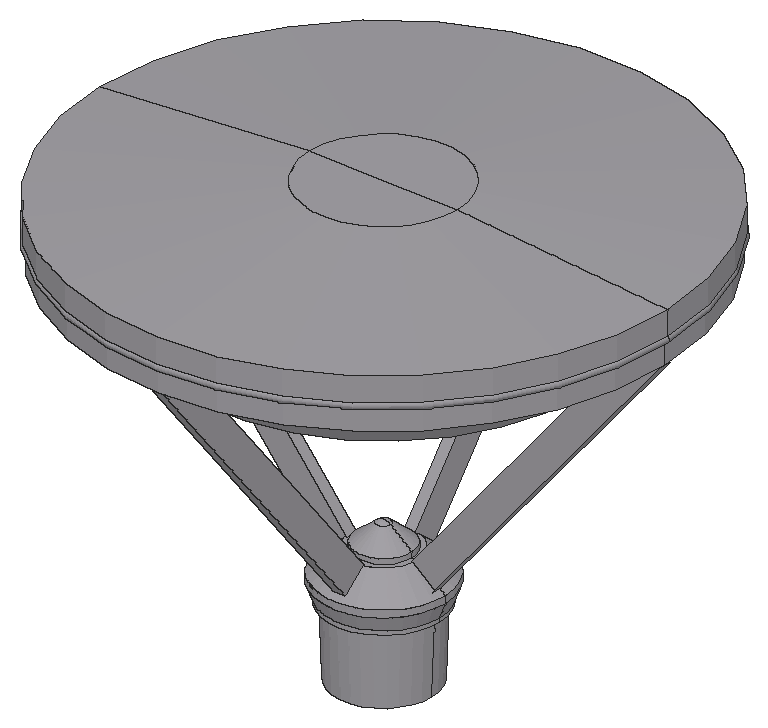
Revit family
Parameters
  Width Radius = Width / 2  # 1' - 0 3/4"
  Width = 2' - 1 1/2"  # constant formula
  Wattage Comments = "100W MH Ballast"
  Wattage = 12.1178 W
  built-in parameter 1150110 = 1 (stored number, unit not read)
  Voltage = 277 V  # constant formula
  VTLDL = SL Type = 1  # no
  VTL = SL Type = 2  # no
  VTH = SL Type = 0  # yes
  URL = "http://www.aal.net/"
  built-in parameter 1114217 = 1 (stored number, unit not read)
  Tilt Angle = 60.00°
  built-in parameter 1150109 = 1 (stored number, unit not read)
  built-in parameter 1150134 = (empty or 0)
  built-in parameter 1150113 = 1 (stored number, unit not read)
  Series = "Largent"  # constant formula
  SL Type = 0
  Revision Date = "02/24/2010"  # constant formula
  Reflector Material = Aluminum-AAL-Reflector
  Power Factor = 1  # constant formula
  Default Elevation = 0' - 0"
  Photometric Web File = "generic.ies"
  OmniClass Title = "Post-Top Lighting"  # constant formula
  OmniClass Number = "23.80.70.14.11.14"  # constant formula
  Number of Poles = 1
  Note Visible = yes
  Note Text = "LF"  # constant formula
  Model = "SLVT"
  MasterFormat Title = "Area Lighting"  # constant formula
  MasterFormat Number = "26.56.29"  # constant formula
  Manufacturer = "Architectural Area Lighting"  # constant formula
  Lumens = 1800 lm
  built-in parameter 1150115 = 1 (stored number, unit not read)
  built-in parameter 1150105 = 143.24 (stored number, unit not read)
  built-in parameter 1150137 = (empty or 0)
  built-in parameter 1150139 = (empty or 0)
  built-in parameter 1150112 = 1 (stored number, unit not read)
  built-in parameter 1150114 = 1 (stored number, unit not read)
  Lamp = "ONE 100 METAL HALIDE ED-17 MED BASE"
  built-in parameter 1150132 = 2
  built-in parameter 1150102 = (empty or 0)
  built-in parameter 1150138 = (empty or 0)
  built-in parameter 1150107 = 3000 (stored number, unit not read)
  built-in parameter 1150106 = 1.4324 (stored number, unit not read)
  Housing Material = Aluminum-AAL-Matte Aluminum
  Height = 1' - 8"  # constant formula
  Glazing Type = Glass-AAL-Clear
  Full Load Current = 0.73 A  # constant formula
  Frequency = 60 Hz  # constant formula
  built-in parameter 1150104 = 13.8 (stored number, unit not read)
  Dimming Lamp Color Temperature Shift = (empty or 0)
  Description = "Exterior Lighting"  # constant formula
  Color Filter = 16777215
  built-in parameter 1114218 = 1 (stored number, unit not read)
  built-in parameter 1150133 = 10 (stored number, unit not read)
  Assembly Code = "D5020200"
  Architectural Design Manual = "http://www.aal.net/sections/downloads/html/downloads.html"
  Apparent Load = 57 VA
  Absolute Lumens = 9300 lm
  AAL IES File = "SL-VT-H2-100MH.ies"
Reference planes (in)
  plane 1 "Light Source Axis (F/B)": y = 0
  plane 2: z = -1.83209
  plane 3 "Light Source Axis (L/R)": x = 0
  plane 4 "Light Source Elevation": z = 14.16791
  plane 5: z = 18.16791
Forms (in)
  Revolve 1, solid, material "Aluminum-AAL-Matte Aluminum" <- "Housing Material", detail levels fine
    sketch origin (0, 0, 0) x (1, 0, 0) y (0, 0, 1)
      loop
        line (0, -1.83209) -> (2.16627, -1.83209) -> (2.2754, 1.29291) -> (2.50222, 1.29291) -> (2.50222, 1.47961) -> (2.76864, 2.139) -> (2.76864, 2.44699) -> (1.53107, 3.44916) -> (1.25009, 3.44916) -> (1.25009, 3.66841) -> (0.31087, 4.42897)
        arc (0.31087, 4.42897) -> (0.1649, 4.51072) -> (0, 4.53906) r 0.49398
        line (0, 4.53906) -> (0, -1.83209)
      loop
        line (5.99936, 12.73891) -> (8.97566, 12.73891) -> (10.94951, 15.17641) -> (12.625, 15.17641) -> (12.625, 16.06831)
        arc (12.625, 16.06831) -> (12.7813, 16.22461) -> (12.625, 16.38091) r 0.1563
        line (12.625, 16.38091) -> (12.7345, 16.38091) -> (12.7345, 17.45255) -> (3.33724, 18.16791) -> (0, 18.16791) -> (0, 17.45255) -> (5.99936, 17.45255) -> (5.99936, 12.73891)
      axis (0, 18.16791) -> (0, -1.83209)
    angle from 0 to 360
  Extrusion 2, solid, material "Aluminum-AAL-Matte Aluminum" <- "Housing Material"
    sketch origin (0, 0, 0) x (1, 0, 0) y (0, 0, 1)
      loop
        line (0.64143, 2.44699) -> (2.31692, 2.44699) -> (12.625, 15.17641) -> (10.94951, 15.17641) -> (0.64143, 2.44699)
      loop
        line (-0.64143, 2.44699) -> (-10.94951, 15.17641) -> (-12.625, 15.17641) -> (-2.31692, 2.44699) -> (-0.64143, 2.44699)
    from -0.25 to 0.25
  Extrusion 3, solid, material "Aluminum-AAL-Matte Aluminum" <- "Housing Material"
    sketch origin (0, 0, 0) x (0, 1, 0) y (0, 0, 1)
      loop
        line (-10.94951, 15.17641) -> (-12.625, 15.17641) -> (-2.31692, 2.44699) -> (-0.64143, 2.44699) -> (-10.94951, 15.17641)
      loop
        line (10.94951, 15.17641) -> (0.64143, 2.44699) -> (2.31692, 2.44699) -> (12.625, 15.17641) -> (10.94951, 15.17641)
    from -0.25 to 0.25
  Extrusion 4, solid, material "Glass-AAL-Clear", detail levels medium+fine
    sketch origin (0, 0, -1.83209) x (1, 0, 0) y (0, 1, 0)
      loop
        circle (0, 0) r 5
    from 14.84338 to 14.571
  Revolve 5, solid, material "Aluminum-AAL-Reflector" <- "Reflector Material", detail levels medium+fine
    sketch origin (0, 0, 0) x (1, 0, 0) y (0, 0, 1)
      loop
        line (0, 17.45255) -> (0, 17.32755) -> (5.87436, 17.32755) -> (5.87436, 13.01129) -> (5.99936, 13.01129) -> (5.99936, 17.45255) -> (0, 17.45255)
      axis (0, 17.45255) -> (0, 13.01129)
    angle from 0 to 360
  Revolve 6, solid, material "Glass-AAL-Clear" <- "Glazing Type", visible <- "VTLDL", detail levels fine
    sketch origin (0, 0, 0) x (1, 0, 0) y (0, 0, 1)
      loop
        line (8.97566, 12.73891) -> (8.81481, 12.73891) -> (1.29212, 3.44916) -> (1.45297, 3.44916) -> (8.97566, 12.73891)
      axis (0, 12.73891) -> (0, 3.44916)
    angle from 0 to 360
  Revolve 7, solid, material "Aluminum-AAL-Reflector" <- "Reflector Material", visible <- "VTL", detail levels fine
    sketch origin (0, 0, 0) x (1, 0, 0) y (0, 0, 1)
      loop
        line (2, 11.58791) -> (1.35048, 11.96291) -> (1.35048, 11.81858) -> (1.75, 11.58791) -> (2, 11.58791)
      loop
        line (2, 11.21291) -> (1.35048, 11.58791) -> (1.35048, 11.44358) -> (1.75, 11.21291) -> (2, 11.21291)
      loop
        line (2, 10.83791) -> (1.35048, 11.21291) -> (1.35048, 11.06858) -> (1.75, 10.83791) -> (2, 10.83791)
      loop
        line (2, 10.46291) -> (1.35048, 10.83791) -> (1.35048, 10.69358) -> (1.75, 10.46291) -> (2, 10.46291)
      loop
        line (2, 10.08791) -> (1.35048, 10.46291) -> (1.35048, 10.31858) -> (1.75, 10.08791) -> (2, 10.08791)
      loop
        line (2, 9.71291) -> (1.35048, 10.08791) -> (1.35048, 9.94358) -> (1.75, 9.71291) -> (2, 9.71291)
      loop
        line (2, 9.33791) -> (1.35048, 9.71291) -> (1.35048, 9.56858) -> (1.75, 9.33791) -> (2, 9.33791)
      loop
        line (2, 8.96291) -> (1.35048, 9.33791) -> (1.35048, 9.19358) -> (1.75, 8.96291) -> (2, 8.96291)
      loop
        line (2, 8.58791) -> (1.35048, 8.96291) -> (1.35048, 8.81858) -> (1.75, 8.58791) -> (2, 8.58791)
      loop
        line (2, 8.21291) -> (1.35048, 8.58791) -> (1.35048, 8.44358) -> (1.75, 8.21291) -> (2, 8.21291)
      loop
        line (2, 7.83791) -> (1.35048, 8.21291) -> (1.35048, 8.06858) -> (1.75, 7.83791) -> (2, 7.83791)
      loop
        line (2, 7.46291) -> (1.35048, 7.83791) -> (1.35048, 7.69358) -> (1.75, 7.46291) -> (2, 7.46291)
      loop
        line (2, 7.08791) -> (1.35048, 7.46291) -> (1.35048, 7.31858) -> (1.75, 7.08791) -> (2, 7.08791)
      loop
        line (2, 6.71291) -> (1.35048, 7.08791) -> (1.35048, 6.94358) -> (1.75, 6.71291) -> (2, 6.71291)
      loop
        line (2, 6.33791) -> (1.35048, 6.71291) -> (1.35048, 6.56858) -> (1.75, 6.33791) -> (2, 6.33791)
      loop
        line (2, 5.96291) -> (1.35048, 6.33791) -> (1.35048, 6.19358) -> (1.75, 5.96291) -> (2, 5.96291)
      loop
        line (2, 5.58791) -> (1.35048, 5.96291) -> (1.35048, 5.81858) -> (1.75, 5.58791) -> (2, 5.58791)
      loop
        line (2, 5.21291) -> (1.35048, 5.58791) -> (1.35048, 5.44358) -> (1.75, 5.21291) -> (2, 5.21291)
      loop
        line (2, 4.98225) -> (1.75, 4.98225) -> (1.35048, 4.75159) -> (1.35048, 4.60725) -> (2, 4.98225)
      axis (0, 11.96291) -> (0, 4.60725)
    angle from 0 to 360
  Revolve 8, solid, material "Aluminum-AAL-Matte Aluminum" <- "Housing Material", detail levels coarse+medium
    sketch origin (0, 0, 0) x (1, 0, 0) y (0, 0, 1)
      loop
        line (2.76864, 4.60725) -> (0, 4.60725) -> (0, -1.83209) -> (2.76864, -1.83209) -> (2.76864, 4.60725)
      loop
        line (12.75, 18.16791) -> (0, 18.16791) -> (0, 17.45255) -> (5.99936, 17.45255) -> (5.99936, 12.73891) -> (12.75, 12.73891) -> (12.75, 18.16791)
      axis (0, 18.16791) -> (0, -1.83209)
    angle from 0 to 360
  Extrusion 9, solid, material "Aluminum-AAL-Matte Aluminum" <- "Housing Material", detail levels medium+fine
    sketch origin (0, 0, 14.16791) x (0, -1, 0) y (-1, 0, 0)
      loop
        circle (0, 0) r 6
      loop
        circle (0, 0) r 5
    from 0.8979 to 1.57504
Lines and regions (in)
  Masking region 1, detail levels fine
    outline origin (0, 0, -1.83209) x (1, 0, 0) y (0, 1, 0)
      loop
        circle (0, 0) r 12.75
  Masking region 2, detail levels coarse+medium
    outline origin (0, 0, -1.83209) x (1, 0, 0) y (0, 1, 0)
      loop
        circle (0, 0) r 12.75
  Masking region 3, detail levels coarse
    outline origin (0, 0, 0) x (1, 0, 0) y (0, 0, 1)
      loop
        line (-2.16627, -1.83209) -> (2.16627, -1.83209) -> (12.75, 15.17641) -> (12.75, 18.16791) -> (-12.75, 18.16791) -> (-12.75, 15.17641) -> (-2.16627, -1.83209)
  Masking region 4, detail levels medium+fine
    outline origin (0, 0, 0) x (1, 0, 0) y (0, 0, 1)
      loop
        line (2.16627, -1.83209) -> (2.2754, 1.29291) -> (2.50222, 1.29291) -> (2.50222, 1.47961) -> (2.76864, 2.139) -> (2.76864, 2.44699) -> (2.49582, 2.66792) -> (12.625, 15.17641) -> (12.625, 16.06831)
        arc (12.625, 16.06831) -> (12.7813, 16.22461) -> (12.625, 16.38091) r 0.1563
        line (12.625, 16.38091) -> (12.7345, 16.38091) -> (12.7345, 17.45255) -> (3.33724, 18.16791) -> (-3.33724, 18.16791) -> (-12.7345, 17.45255) -> (-12.7345, 16.38091) -> (-12.625, 16.38091)
        arc (-12.625, 16.38091) -> (-12.7813, 16.22461) -> (-12.625, 16.06831) r 0.1563
        line (-12.625, 16.06831) -> (-12.625, 15.17641) -> (-2.49582, 2.66792) -> (-2.76864, 2.44699) -> (-2.76864, 2.139) -> (-2.50222, 1.47961) -> (-2.50222, 1.29291) -> (-2.2754, 1.29291) -> (-2.16627, -1.83209) -> (2.16627, -1.83209)
  Masking region 5, detail levels medium+fine
    outline origin (0, 0, 0) x (1, 0, 0) y (0, 0, 1)
      loop
        line (1.45297, 3.44916) -> (8.97566, 12.73891) -> (0.25, 12.73891) -> (0.25, 4.47827) -> (1.25009, 3.66841) -> (1.25009, 3.44916) -> (1.45297, 3.44916)
      loop
        line (-1.45297, 3.44916) -> (-1.25009, 3.44916) -> (-1.25009, 3.66841) -> (-0.25, 4.47827) -> (-0.25, 12.73891) -> (-8.97566, 12.73891) -> (-1.45297, 3.44916)
  Masking region 6, detail levels coarse
    outline origin (0, 0, 0) x (0, 1, 0) y (0, 0, 1)
      loop
        line (2.76199, -1.83209) -> (12.75, 15.16791) -> (12.75, 18.16791) -> (-12.75, 18.16791) -> (-12.75, 15.16791) -> (-2.76199, -1.83209) -> (2.76199, -1.83209)
  Masking region 7, detail levels medium+fine
    outline origin (0, 0, 0) x (0, 1, 0) y (0, 0, 1)
      loop
        line (2.16627, -1.83209) -> (2.2754, 1.29291) -> (2.50222, 1.29291) -> (2.50222, 1.47961) -> (2.76864, 2.139) -> (2.76864, 2.44699) -> (2.49582, 2.66792) -> (12.625, 15.17641) -> (12.625, 16.06831)
        arc (12.625, 16.06831) -> (12.7813, 16.22461) -> (12.625, 16.38091) r 0.1563
        line (12.625, 16.38091) -> (12.7345, 16.38091) -> (12.7345, 17.45255) -> (3.33724, 18.16791) -> (-3.33724, 18.16791) -> (-12.7345, 17.45255) -> (-12.7345, 16.38091) -> (-12.625, 16.38091)
        arc (-12.625, 16.38091) -> (-12.7813, 16.22461) -> (-12.625, 16.06831) r 0.1563
        line (-12.625, 16.06831) -> (-12.625, 15.17641) -> (-2.49582, 2.66792) -> (-2.76864, 2.44699) -> (-2.76864, 2.139) -> (-2.50222, 1.47961) -> (-2.50222, 1.29291) -> (-2.2754, 1.29291) -> (-2.16627, -1.83209) -> (2.16627, -1.83209)
  Masking region 8, detail levels medium+fine
    outline origin (0, 0, 0) x (0, 1, 0) y (0, 0, 1)
      loop
        line (-1.45297, 3.44916) -> (-1.25191, 3.44916) -> (-1.25191, 3.6653) -> (-0.25, 4.47663) -> (-0.25, 12.73891) -> (-8.97566, 12.73891) -> (-1.45297, 3.44916)
      loop
        line (1.45297, 3.44916) -> (8.97566, 12.73891) -> (0.25, 12.73891) -> (0.25, 4.47663) -> (1.25191, 3.6653) -> (1.25191, 3.44916) -> (1.45297, 3.44916)
  symbolic lines, style "LightingFixturesHiddenLines", detail levels coarse
    curve 1: line (-12.75, 0, -1.83209) -> (12.75, 0, -1.83209)
    curve 2: line (0, 12.75, -1.83209) -> (0, -12.75, -1.83209)
  symbolic lines, detail levels fine
    curve 3: line (-0.64143, 0, 2.44699) -> (-10.94951, 0, 15.17641)
    curve 4: line (10.94951, 0, 15.17641) -> (0.64143, 0, 2.44699)
    curve 5: line (2.50222, 0, 1.29291) -> (-2.50222, 0, 1.29291)
    curve 6: line (-2.50222, 0, 1.47961) -> (2.50222, 0, 1.47961)
    curve 7: line (-2.76864, 0, 2.139) -> (2.76864, 0, 2.139)
    curve 8: line (-2.76864, 0, 2.44699) -> (2.76864, 0, 2.44699)
    curve 9: line (-0.25, 0, 3.44916) -> (-1.45297, 0, 3.44916)
    curve 10: line (-1.25009, 0, 3.66841) -> (-0.25, 0, 3.66841)
    curve 11: line (12.625, 0, 15.17641) -> (-12.625, 0, 15.17641)
    curve 12: line (-12.625, 0, 16.06831) -> (12.625, 0, 16.06831)
    curve 13: line (12.7345, 0, 16.38091) -> (-12.7345, 0, 16.38091)
    curve 14: line (-12.7345, 0, 17.45255) -> (12.7345, 0, 17.45255)
    curve 15: line (0.25, 0, 3.66841) -> (1.25009, 0, 3.66841)
    curve 16: line (0.25, 0, 3.44916) -> (1.45297, 0, 3.44916)
    curve 17: line (-0.25, 0, 15.17641) -> (-0.25, 0, 2.44699)
    curve 18: line (0.25, 0, 2.44699) -> (0.25, 0, 15.17641)
    curve 19: line (0, 12.7345, 17.45255) -> (0, -12.7345, 17.45255)
    curve 20: line (0, 12.7345, 16.38091) -> (0, -12.625, 16.38091)
    curve 21: line (0, 12.625, 15.17641) -> (0, -12.625, 15.17641)
    curve 22: line (0, 10.94951, 15.17641) -> (0, 0.64143, 2.44699)
    curve 23: line (0, -0.64143, 2.44699) -> (0, -10.94951, 15.17641)
    curve 24: line (0, 0.25, 2.44699) -> (0, 0.25, 15.17641)
    curve 25: line (0, -0.25, 15.17641) -> (0, -0.25, 2.44699)
    curve 26: line (0, 1.45297, 3.44916) -> (0, 0.25, 3.44916)
    curve 27: line (0, -0.25, 3.44916) -> (0, -1.45297, 3.44916)
    curve 28: line (0, -2.76864, 2.44699) -> (0, 2.76864, 2.44699)
    curve 29: line (0, 2.50222, 1.29291) -> (0, -2.50222, 1.29291)
    curve 30: line (0, 2.50222, 1.47961) -> (0, -2.50222, 1.47961)
    curve 31: line (0, 2.76864, 2.139) -> (0, -2.76864, 2.139)
    curve 32: line (0, 1.25191, 3.66841) -> (0, 0.25, 3.66841)
    curve 33: line (0, 12.625, 16.06831) -> (0, -12.625, 16.06831)
    curve 34: line (0, -0.25, 3.66841) -> (0, -1.25191, 3.66841)
Dimensions and locks (in)
  "Height": plane 5 to plane 2
  locked: plane 5 to plane 4 "Light Source Elevation" at 4
  Revolve 1 sketch curve to Revolve 1 sketch curve to Revolve 1 sketch curve to Revolve 1 sketch curve to Revolve 1 sketch curve to Revolve 1 sketch curve to Revolve 1 sketch curve to plane 2 = 0' - 0.87065" locked, 0' - 0.21925" locked, 0' - 1.00216" locked, 0' - 0.30799" locked, 0' - 0.6594" locked, 0' - 0.1867" locked, 0' - 3 1/8" locked
  Revolve 1 sketch curve to Revolve 1 sketch curve to Revolve 1 sketch curve to Revolve 1 sketch curve to Revolve 1 sketch curve to Revolve 1 sketch curve to Revolve 1 sketch curve to Revolve 1 sketch curve = 0' - 0.31087" locked, 0' - 0.93921" locked, 0' - 0.28098" locked, 0' - 0.63521" locked, 0' - 0.10913" locked, 0' - 0.22682" locked, 0' - 0.26641" locked
  plane 5 to Revolve 1 sketch curve to Revolve 1 sketch curve to Revolve 1 sketch curve to Revolve 1 sketch curve to Revolve 1 sketch curve to Revolve 1 sketch curve = 0' - 0.71536" locked, 0' - 0" locked, 0' - 1.07164" locked, 0' - 0.3126" locked, 0' - 0.8919" locked, 0' - 2 7/16" locked
  Revolve 1 sketch curve to Revolve 1 sketch curve to Revolve 1 sketch curve to Revolve 1 sketch curve to Revolve 1 sketch curve to Revolve 1 sketch curve to Revolve 1 sketch curve to Revolve 1 sketch curve = 0' - 3.33724" locked, 0' - 2.66213" locked, 0' - 2.97629" locked, 0' - 1.97385" locked, 0' - 1.67549" locked, 0' - 0.1095" locked, 0' - 0.0468" locked
  locked: Extrusion 2 sketch curve to plane 2 at 4.27909
  locked: plane 5 to Extrusion 2 sketch curve at 2.9915
  Extrusion 2 sketch curve to Extrusion 2 sketch curve to Extrusion 2 sketch curve to Extrusion 2 sketch curve to plane 3 "Light Source Axis (L/R)" to Extrusion 2 sketch curve to Extrusion 2 sketch curve to Extrusion 2 sketch curve to Extrusion 2 sketch curve = 0' - 1.67549" locked, 0' - 8.63258" locked, 0' - 1.67549" locked, 0' - 0.64143" locked, 0' - 0.64143" locked, 0' - 1.67549" locked, 0' - 8.63258" locked, 0' - 1.67549" locked
  Extrusion 2 to plane 1 "Light Source Axis (F/B)" to Extrusion 2 = 0' - 0 1/4" locked, 0' - 0 1/4" locked
  plane 5 to Extrusion 3 sketch curve = 0' - 2.9915"
  Extrusion 3 sketch curve to plane 2 = 0' - 4.27909"
  Extrusion 3 sketch curve to Extrusion 3 sketch curve to Extrusion 3 sketch curve to Extrusion 3 sketch curve to plane 1 "Light Source Axis (F/B)" to Extrusion 3 sketch curve to Extrusion 3 sketch curve to Extrusion 3 sketch curve to Extrusion 3 sketch curve = 0' - 1.67549" locked, 0' - 8.63258" locked, 0' - 1.67549" locked, 0' - 0.64143" locked, 0' - 0.64143" locked, 0' - 1.67549" locked, 0' - 8.63258" locked, 0' - 1.67549" locked
  Extrusion 3 to plane 3 "Light Source Axis (L/R)" to Extrusion 3 = 0' - 0 1/4" locked, 0' - 0 1/4" locked
  locked: plane 3 "Light Source Axis (L/R)" to Extrusion 4 sketch curve at 5
  plane 5 to Extrusion 4 to Extrusion 4 = 0' - 5.15662" locked, 0' - 0.27238" locked
  Revolve 5 sketch curve to Revolve 5 sketch curve to Revolve 5 sketch curve = 0' - 5.87436" locked, 0' - 0 1/8" locked
  plane 5 to Revolve 5 sketch curve to Revolve 5 sketch curve to Revolve 5 sketch curve = 0' - 0.71536" locked, 0' - 0 1/8" locked, 0' - 4.31626" locked
  locked: Revolve 6 sketch curve to plane 2 at 5.28125
  locked: plane 5 to Revolve 6 sketch curve at 5.429
  Revolve 6 sketch curve to Revolve 6 sketch curve to Revolve 6 sketch curve to Revolve 6 sketch curve to Revolve 6 sketch curve = 0' - 1.29212" locked, 0' - 0.16084" locked, 0' - 7.36185" locked, 0' - 0.16084" locked
  Revolve 7 sketch curve to Revolve 7 sketch curve to Revolve 7 sketch curve to Revolve 7 sketch curve to Revolve 7 sketch curve to Revolve 7 sketch curve to Revolve 7 sketch curve to Revolve 7 sketch curve to Revolve 7 sketch curve to Revolve 7 sketch curve to Revolve 7 sketch curve to Revolve 7 sketch curve to Revolve 7 sketch curve to Revolve 7 sketch curve to Revolve 7 sketch curve to Revolve 7 sketch curve to Revolve 7 sketch curve to Revolve 7 sketch curve to Revolve 7 sketch curve to Revolve 7 sketch curve to Revolve 7 sketch curve to Revolve 7 sketch curve to Revolve 7 sketch curve to Revolve 7 sketch curve to Revolve 7 sketch curve to Revolve 7 sketch curve to Revolve 7 sketch curve to Revolve 7 sketch curve to Revolve 7 sketch curve to Revolve 7 sketch curve to Revolve 7 sketch curve to Revolve 7 sketch curve to Revolve 7 sketch curve to Revolve 7 sketch curve to Revolve 7 sketch curve to Revolve 7 sketch curve to Revolve 7 sketch curve to Revolve 7 sketch curve to Revolve 7 sketch curve to Revolve 7 sketch curve = 0' - 1.35048" locked, 0' - 0.39952" locked, 0' - 0", 0' - 0", 0' - 0", 0' - 0", 0' - 0", 0' - 0", 0' - 0", 0' - 0", 0' - 0", 0' - 0", 0' - 0", 0' - 0", 0' - 0", 0' - 0", 0' - 0", 0' - 0", 0' - 0", 0' - 0", 0' - 0 1/4" locked, 0' - 0", 0' - 0", 0' - 0", 0' - 0", 0' - 0", 0' - 0", 0' - 0", 0' - 0", 0' - 0", 0' - 0", 0' - 0", 0' - 0", 0' - 0", 0' - 0", 0' - 0", 0' - 0", 0' - 0", 0' - 0"
  Revolve 7 sketch curve to Revolve 7 sketch curve to Revolve 7 sketch curve to Revolve 7 sketch curve to Revolve 7 sketch curve to Revolve 7 sketch curve to Revolve 7 sketch curve to Revolve 7 sketch curve to Revolve 7 sketch curve to Revolve 7 sketch curve to Revolve 7 sketch curve to Revolve 7 sketch curve to Revolve 7 sketch curve to Revolve 7 sketch curve to Revolve 7 sketch curve to Revolve 7 sketch curve to Revolve 7 sketch curve to Revolve 7 sketch curve to Revolve 7 sketch curve to Revolve 7 sketch curve to Revolve 7 sketch curve to Revolve 7 sketch curve to Revolve 7 sketch curve to Revolve 7 sketch curve to Revolve 7 sketch curve to Revolve 7 sketch curve to Revolve 7 sketch curve to Revolve 7 sketch curve to Revolve 7 sketch curve to Revolve 7 sketch curve to Revolve 7 sketch curve to Revolve 7 sketch curve to Revolve 7 sketch curve to Revolve 7 sketch curve to Revolve 7 sketch curve to Revolve 7 sketch curve to Revolve 7 sketch curve to Revolve 7 sketch curve to Revolve 7 sketch curve to Revolve 7 sketch curve to Revolve 7 sketch curve to Revolve 7 sketch curve to Revolve 7 sketch curve to Revolve 7 sketch curve to Revolve 7 sketch curve to Revolve 7 sketch curve to Revolve 7 sketch curve to Revolve 7 sketch curve to Revolve 7 sketch curve to Revolve 7 sketch curve to Revolve 7 sketch curve to Revolve 7 sketch curve to Revolve 7 sketch curve to Revolve 7 sketch curve to Revolve 7 sketch curve to Revolve 7 sketch curve to Revolve 7 sketch curve to plane 2 = 0' - 0.14434" locked, 0' - 0.23066" locked, 0' - 0" locked, 0' - 0.14434" locked, 0' - 0.23066" locked, 0' - 0" locked, 0' - 0.14434" locked, 0' - 0.23066" locked, 0' - 0" locked, 0' - 0.14434" locked, 0' - 0.23066" locked, 0' - 0" locked, 0' - 0.14434" locked, 0' - 0.23066" locked, 0' - 0" locked, 0' - 0.14434" locked, 0' - 0.23066" locked, 0' - 0" locked, 0' - 0.14434" locked, 0' - 0.23066" locked, 0' - 0" locked, 0' - 0.14434" locked, 0' - 0.23066" locked, 0' - 0" locked, 0' - 0.14434" locked, 0' - 0.23066" locked, 0' - 0" locked, 0' - 0.14434" locked, 0' - 0.23066" locked, 0' - 0" locked, 0' - 0.14434" locked, 0' - 0.23066" locked, 0' - 0" locked, 0' - 0.14434" locked, 0' - 0.23066" locked, 0' - 0" locked, 0' - 0.14434" locked, 0' - 0.23066" locked, 0' - 0" locked, 0' - 0.14434" locked, 0' - 0.23066" locked, 0' - 0" locked, 0' - 0.14434" locked, 0' - 0.23066" locked, 0' - 0" locked, 0' - 0.14434" locked, 0' - 0.23066" locked, 0' - 0" locked, 0' - 0.14434" locked, 0' - 0.23066" locked, 0' - 0" locked, 0' - 0.14434" locked, 0' - 0.23066" locked, 0' - 0.23066" locked, 0' - 0.23066" locked, 0' - 0.14434" locked, 0' - 6.43934" locked
  "Width Radius": Revolve 8 sketch curve to Revolve 8 sketch curve
  locked: Revolve 8 sketch curve to plane 2 at 6.43934
  locked: Revolve 8 sketch curve to Revolve 8 sketch curve at 2.76864
  plane 5 to Revolve 8 sketch curve to Revolve 8 sketch curve = 0' - 0.71536" locked, 0' - 4.71364" locked
  locked: Revolve 8 sketch curve to Revolve 8 sketch curve at 6.75064
  "Width Radius": curve 1 to plane 3 "Light Source Axis (L/R)"
  "Width Radius": plane 3 "Light Source Axis (L/R)" to curve 1
  "Width Radius": plane 1 "Light Source Axis (F/B)" to curve 2
  "Width Radius": curve 2 to plane 1 "Light Source Axis (F/B)"
  "Width Radius": Masking region 3 sketch curve to plane 3 "Light Source Axis (L/R)"
  plane 3 "Light Source Axis (L/R)" to Masking region 3 sketch curve = 1' - 0 3/4"
  locked: plane 5 to Masking region 3 sketch curve at 2.9915  (x2)
  locked: plane 3 "Light Source Axis (L/R)" to Masking region 3 sketch curve at 2.16627
  locked: Masking region 3 sketch curve to plane 3 "Light Source Axis (L/R)" at 2.16627
  Masking region 4 sketch curve to Masking region 4 sketch curve to Masking region 4 sketch curve to Masking region 4 sketch curve to Masking region 4 sketch curve to Masking region 4 sketch curve to Masking region 4 sketch curve to Masking region 4 sketch curve to Masking region 4 sketch curve to plane 3 "Light Source Axis (L/R)" to Masking region 4 sketch curve to Masking region 4 sketch curve to Masking region 4 sketch curve to Masking region 4 sketch curve to Masking region 4 sketch curve to Masking region 4 sketch curve to Masking region 4 sketch curve to Masking region 4 sketch curve = 0' - 0.0468" locked, 0' - 0.1095" locked, 0' - 9.28776" locked, 0' - 0.5686" locked, 0' - 0.26641" locked, 0' - 0.0064" locked, 0' - 0.22042" locked, 0' - 0.10913" locked, 0' - 2.16627" locked, 0' - 2.16627" locked, 0' - 0.10913" locked, 0' - 0.22682" locked, 0' - 0.26641" locked, 0' - 0.5686" locked, 0' - 9.28776" locked, 0' - 0.1095" locked, 0' - 0.0468" locked
  plane 5 to Masking region 4 sketch curve to Masking region 4 sketch curve to Masking region 4 sketch curve to Masking region 4 sketch curve = 0' - 0.71536" locked, 0' - 1.07164" locked, 0' - 0.3126" locked, 0' - 0.8919" locked  (x2)
  Masking region 4 sketch curve to Masking region 4 sketch curve to Masking region 4 sketch curve to Masking region 4 sketch curve to Masking region 4 sketch curve to plane 2 = 0' - 0.22092" locked, 0' - 0.30799" locked, 0' - 0.6594" locked, 0' - 0.1867" locked, 0' - 3 1/8" locked  (x2)
  Masking region 5 sketch curve to Masking region 5 sketch curve to Revolve 1 = 0' - 0.80986" locked, 0' - 0.21925" locked  (x2)
  plane 3 "Light Source Axis (L/R)" to curve 10 to curve 9 to curve 6 to curve 5 to curve 8 to curve 7 to curve 12 to curve 11 to curve 14 to curve 13 = 0' - 1.25009" locked, 0' - 0.20288" locked, 0' - 1.04926" locked, 0' - 0" locked, 0' - 0.26641" locked, 0' - 0" locked, 0' - 9.85636" locked, 0' - 0" locked, 0' - 0.1095" locked, 0' - 0" locked
  curve 14 to curve 13 to curve 12 to curve 11 to curve 8 to curve 7 to curve 6 to curve 5 to curve 16 to curve 15 to plane 3 "Light Source Axis (L/R)" = 0' - 0", 0' - 0.1095", 0' - 0" locked, 0' - 9.85636" locked, 0' - 0" locked, 0' - 0.26641" locked, 0' - 0" locked, 0' - 1.04926" locked, 0' - 0.20288" locked, 0' - 1.25009" locked
  locked: curve 17 to plane 2 at 4.27909
  locked: plane 5 to curve 17 at 2.9915
  Masking region 6 sketch curve to Masking region 6 sketch curve to plane 1 "Light Source Axis (F/B)" to Masking region 6 sketch curve to Masking region 6 sketch curve = 0' - 9.98801" locked, 0' - 2.76199" locked, 0' - 2.76199" locked, 0' - 9.98801" locked
  locked: plane 5 to Masking region 6 sketch curve at 3  (x2)
  Masking region 7 sketch curve to Masking region 7 sketch curve to Masking region 7 sketch curve to Masking region 7 sketch curve to Masking region 7 sketch curve to Masking region 7 sketch curve to Masking region 7 sketch curve to Masking region 7 sketch curve to Masking region 7 sketch curve to plane 1 "Light Source Axis (F/B)" to Masking region 7 sketch curve to Masking region 7 sketch curve to Masking region 7 sketch curve to Masking region 7 sketch curve to Masking region 7 sketch curve to Masking region 7 sketch curve to Masking region 7 sketch curve to Masking region 7 sketch curve to Masking region 7 sketch curve = 0' - 0.0468" locked, 0' - 0.1095" locked, 0' - 9.28776" locked, 0' - 0.5686" locked, 0' - 0.26641" locked, 0' - 0.0064" locked, 0' - 0.22042" locked, 0' - 0.10913" locked, 0' - 2.16627" locked, 0' - 2.16627" locked, 0' - 0.10913" locked, 0' - 0.22042" locked, 0' - 0.0064" locked, 0' - 0.26641" locked, 0' - 0.5686" locked, 0' - 9.28776" locked, 0' - 0.1095" locked, 0' - 0.0468" locked
  Masking region 7 sketch curve to Masking region 7 sketch curve to Masking region 7 sketch curve to Masking region 7 sketch curve to Masking region 7 sketch curve to Masking region 7 sketch curve to Masking region 7 sketch curve to Masking region 7 sketch curve to Masking region 7 sketch curve to plane 2 = 0' - 1.07164", 0' - 0.3126", 0' - 0.8919", 1' - 0.50849", 0' - 0.22092", 0' - 0.30799", 0' - 0.6594", 0' - 0.1867", 0' - 3 1/8"
  Masking region 7 sketch curve to Masking region 7 sketch curve to Masking region 7 sketch curve to Masking region 7 sketch curve to Masking region 7 sketch curve to Masking region 7 sketch curve to Masking region 7 sketch curve to Masking region 7 sketch curve to Masking region 7 sketch curve to plane 2 = 0' - 1.07164" locked, 0' - 0.3126" locked, 0' - 0.8919" locked, 1' - 0.50849" locked, 0' - 0.22092" locked, 0' - 0.30799" locked, 0' - 0.6594" locked, 0' - 0.1867" locked, 0' - 3 1/8" locked
  Masking region 8 sketch curve to plane 1 "Light Source Axis (F/B)" to Masking region 8 sketch curve = 0' - 1.25191" locked, 0' - 1.25191" locked
  Masking region 8 sketch curve to Masking region 8 sketch curve to Masking region 8 sketch curve to Masking region 8 sketch curve to plane 2 = 0' - 0" locked, 0' - 0.81133" locked, 0' - 0" locked, 0' - 5.49739" locked
  curve 22 to curve 26 to curve 22 to plane 1 "Light Source Axis (F/B)" to curve 23 to curve 27 to curve 23 = 0' - 9.49654" locked, 0' - 0.81154" locked, 0' - 0.64143" locked, 0' - 0.64143" locked, 0' - 0.81154" locked, 0' - 9.49654" locked
  locked: plane 5 to curve 25 at 2.9915
  "Default Elevation": plane 2 to level
  plane 3 "Light Source Axis (L/R)" to Extrusion 9 sketch curve to Extrusion 9 sketch curve = 0' - 5" locked, 0' - 1" locked
  plane 4 "Light Source Elevation" to Extrusion 9 to Extrusion 9 = 0' - 0.8979" locked, 0' - 0.67714" locked
  "Width Radius": radius of Masking region 1 sketch curve
  "Width Radius": radius of Masking region 2 sketch curve
  aligned and locked: plane 3 "Light Source Axis (L/R)" to imposter light
  aligned and locked: plane 1 "Light Source Axis (F/B)" to imposter light
  aligned and locked: plane 4 "Light Source Elevation" to imposter light
  aligned and locked: Revolve 1 sketch curve to plane 3 "Light Source Axis (L/R)"
  aligned and locked: Revolve 1 sketch curve to Revolve 1 sketch curve  (x2)
  aligned and locked: Revolve 1 sketch curve to plane 2
  aligned and locked: plane 5 to Revolve 1 sketch curve
  aligned and locked: Extrusion 2 sketch curve to Extrusion 2 sketch curve  (x2)
  aligned and locked: Extrusion 3 sketch curve to Extrusion 3 sketch curve  (x2)
  aligned and locked: plane 3 "Light Source Axis (L/R)" to Extrusion 4 sketch curve
  aligned and locked: plane 1 "Light Source Axis (F/B)" to Extrusion 4 sketch curve
  aligned and locked: Revolve 5 sketch curve to plane 3 "Light Source Axis (L/R)"
  aligned and locked: Revolve 5 sketch curve to Revolve 5 sketch curve
  aligned and locked: Revolve 6 sketch curve to plane 3 "Light Source Axis (L/R)"
  aligned and locked: Revolve 7 sketch curve to plane 3 "Light Source Axis (L/R)"
  aligned and locked: Revolve 7 sketch curve to Revolve 7 sketch curve  (x18)
  aligned and locked: Revolve 8 sketch curve to plane 3 "Light Source Axis (L/R)"
  aligned and locked: Revolve 8 sketch curve to plane 2
  aligned and locked: Revolve 8 sketch curve to Revolve 8 sketch curve  (x2)
  aligned and locked: plane 5 to Revolve 8 sketch curve
  aligned and locked: plane 1 "Light Source Axis (F/B)" to nested 1
  aligned and locked: plane 3 "Light Source Axis (L/R)" to nested 1
  aligned and locked: plane 3 "Light Source Axis (L/R)" to Masking region 1 sketch curve
  aligned and locked: plane 1 "Light Source Axis (F/B)" to Masking region 1 sketch curve
  aligned and locked: plane 3 "Light Source Axis (L/R)" to Masking region 2 sketch curve
  aligned and locked: plane 1 "Light Source Axis (F/B)" to Masking region 2 sketch curve
  aligned and locked: plane 1 "Light Source Axis (F/B)" to curve 1
  aligned and locked: curve 2 to plane 3 "Light Source Axis (L/R)"
  aligned and locked: Masking region 3 sketch curve to plane 2
  aligned and locked: Masking region 3 sketch curve to plane 5
  aligned and locked: plane 5 to Masking region 4 sketch curve
  aligned and locked: Masking region 4 sketch curve to plane 2
  aligned and locked: Masking region 5 sketch curve to Revolve 6  (x2)
  aligned and locked: Masking region 5 sketch curve to Extrusion 2
  aligned and locked: Extrusion 2 to Masking region 5 sketch curve
  aligned and locked: Masking region 5 sketch curve to Revolve 1
  aligned and locked: Revolve 1 to Masking region 5 sketch curve
  aligned and locked: Masking region 5 sketch curve to Extrusion 3
  aligned and locked: Extrusion 3 to Masking region 5 sketch curve
  aligned and locked: curve 3 to Extrusion 2
  aligned and locked: curve 4 to Extrusion 2
  aligned and locked: curve 5 to Revolve 1
  aligned and locked: curve 6 to Revolve 1
  aligned and locked: curve 7 to Revolve 1
  aligned and locked: curve 8 to Revolve 1
  aligned and locked: Revolve 1 to curve 9
  aligned and locked: curve 10 to Revolve 1
  aligned and locked: curve 12 to Revolve 1
  aligned and locked: curve 13 to Revolve 1
  aligned and locked: curve 14 to Revolve 1
  aligned and locked: Extrusion 3 to curve 9
  aligned and locked: curve 15 to Revolve 1
  aligned and locked: curve 16 to Revolve 1
  aligned and locked: Extrusion 3 to curve 15
  aligned and locked: Revolve 1 to curve 18
  aligned and locked: Masking region 6 sketch curve to plane 5
  aligned and locked: Masking region 6 sketch curve to plane 2
  aligned and locked: Masking region 7 sketch curve to plane 2
  aligned and locked: plane 5 to Masking region 7 sketch curve
  aligned and locked: Masking region 8 sketch curve to Revolve 1
  aligned and locked: Masking region 8 sketch curve to Extrusion 3
  aligned and locked: Masking region 8 sketch curve to Revolve 6  (x2)
  aligned and locked: Masking region 8 sketch curve to Extrusion 2
  aligned and locked: Revolve 1 to Masking region 8 sketch curve
  aligned and locked: Extrusion 3 to Masking region 8 sketch curve
  aligned and locked: Extrusion 2 to Masking region 8 sketch curve
  aligned and locked: curve 19 to Revolve 5
  aligned and locked: curve 20 to Revolve 1
  aligned and locked: curve 22 to Extrusion 3
  aligned and locked: curve 24 to Extrusion 2
  aligned and locked: Extrusion 2 to curve 25
  aligned and locked: Revolve 1 to curve 26
  aligned and locked: Revolve 1 to curve 27
  aligned and locked: curve 28 to Extrusion 3
  aligned and locked: curve 29 to Revolve 1
  aligned and locked: curve 31 to Revolve 1
  aligned and locked: curve 32 to Revolve 1
  aligned and locked: Revolve 1 to curve 30
  aligned and locked: Revolve 1 to curve 33
  aligned and locked: Revolve 1 to curve 34
  aligned and locked: curve 32 to Masking region 8
  aligned and locked: Extrusion 2 to curve 32
  aligned and locked: Extrusion 2 to curve 34
  aligned and locked: Masking region 8 to curve 34
  aligned and locked: Masking region 7 to curve 28
  aligned and locked: curve 28 to Masking region 7
  aligned and locked: curve 31 to Masking region 7
  aligned and locked: Masking region 7 to curve 31
  aligned and locked: Masking region 7 to curve 30
  aligned and locked: curve 29 to Masking region 7
  aligned and locked: Masking region 7 to curve 29
  aligned and locked: curve 30 to Masking region 7
  aligned and locked: plane 3 "Light Source Axis (L/R)" to Extrusion 9 sketch curve  (x2)
  aligned and locked: plane 1 "Light Source Axis (F/B)" to Extrusion 9 sketch curve  (x2)
Automatic sketch dimensions
  Revolve 1 sketch curve to level = 4' - 1"
  Revolve 1 sketch curve to Revolve 1 sketch curve = 0' - 0.49398"
  Revolve 1 sketch curve to Revolve 1 sketch curve = 2' - 10.545"
  Revolve 5 sketch curve to level = 4' - 1"
  plane 5 to Revolve 5 sketch curve = 2' - 10.545"
  Revolve 6 sketch curve to level = 4' - 1"
  plane 5 to Revolve 6 sketch curve = 2' - 10.545"
  Revolve 7 sketch curve to level = 4' - 1"
  plane 5 to Revolve 7 sketch curve = 2' - 10.545"
  Revolve 8 sketch curve to level = 4' - 1"
  plane 5 to Revolve 8 sketch curve = 2' - 10.545"
  Masking region 5 sketch curve to Masking region 5 sketch curve = 0' - 0.20288"  (x2)
  curve 21 to curve 23 = 0' - 1.67549"
  curve 20 to curve 21 = 0' - 0"
  curve 33 to curve 20 = 0' - 0"
  curve 19 to curve 20 = 0' - 0.1095"
  curve 22 to curve 21 = 0' - 1.67549"
  curve 33 to curve 21 = 0' - 0"
  curve 33 to curve 19 = 0' - 0.1095"
  curve 33 to curve 20 = 0' - 0.1095"
Nested families (in)
  nested 1: "Notation" at (0, 0, 25), visible <- "Note Visible", type "Notation"
Connectors (in)
  electrical at (0, 0, -1.83209), driven by "Power Factor", driven by "Lamp", driven by "Number of Poles", driven by "Voltage", driven by "Apparent Load"
    settings: on Revolve 1, index 1
Definition of nested family "Notation"
  Parameters (values of type "Notation")
    Notation = "LF"
  Reference planes (in)
    plane 1: y = 0
    plane 2: x = 0
  Text (in)
    label "Notation" at (0.02149, 0.07192, 0), shows "Notation"
